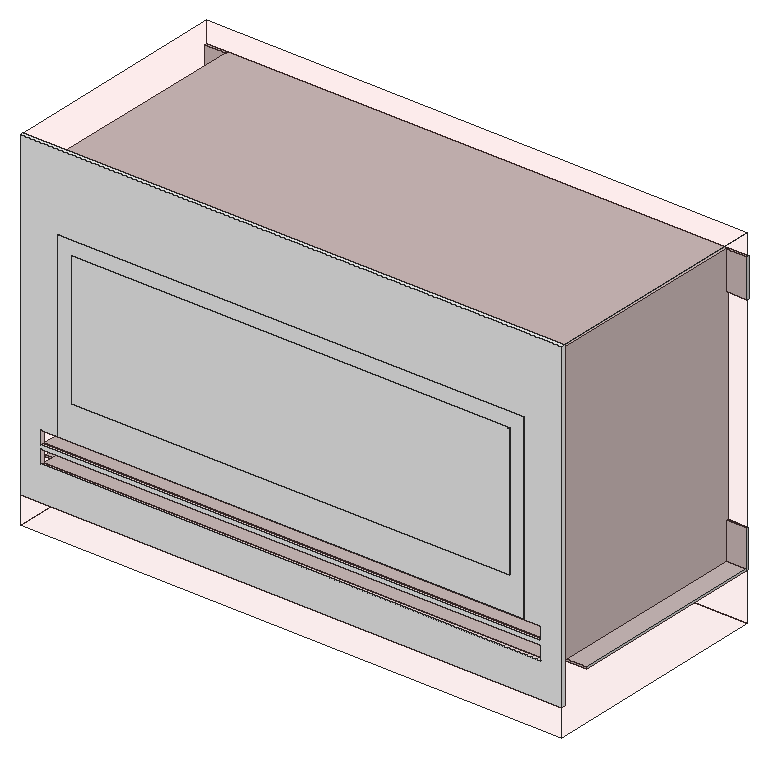
Revit family "Air-Curtain_Customer-Entry_PoweredAire_ECC-E", category Mechanical Equipment, host Face, Revit 2025
Family settings
  Host = Face
  Round Connector Dimension = Use Diameter
  Part Type = Normal
  OmniClass Number = 23.75.35.17.21
  OmniClass Title = Air Curtains
  Cut with Voids When Loaded = No
  Maintain Annotation Orientation = No
  Shared = No
  Room Calculation Point = No
Parameters
  Warranty Duration (Years) = 0
  Unit Width Notes = "Other Widths available."  # constant formula
  Unit Width = 3' - 3"
  Unit Weight = 0
  Unit Height = 1' - 4 3/4"
  Unit Depth = 1' - 11 1/4"
  URL = "http://www.poweredaire.com/"
  Test Data = ""
  Temperature Rise_Range = "as Specified"
  Standards Conformance = "as Specified"
  Specification = "http://www.arcat.com/sdspecs/htm04/23_34_33pai.htm"
  SpecWizard = ""
  Sound Pressure = "as Specified"
  Sales Information = "http://www.poweredaire.com/contact_us"
  Revision = "R1_2016-08"
  Projection from Host [instance] = 0' - 2"
  Product Properties = ""
  Product Data = "http://www.arcat.com/arcatcos/cos47/arc47623.html"
  Power Rating = 0 W
  Outlet Volume_Range = "as Specified"
  Outlet Velocity_Range = "as Specified"
  Nozzle Width = if(1 = 1, Unit Width - 0' 3", 0' 0")  # 3' - 0"
  Mounting Width = if(1 = 1, Unit Width - 0' 1 1/2", 0' 0")  # 3' - 1 1/2"
  Mounting Height [instance] = 3' - 6"
  Motor RPM = 0
  Motor HP = 0
  Motor Count = 0
  Model = "As Specified"
  Max Height = 0' - 0"
  Manufacturer Website = "http://www.poweredaire.com/"
  Manufacturer Phone - Toll Free = "888-321-2473"
  Manufacturer Phone = "724-588-3305"
  Manufacturer Fax = "724-588-3371"
  Manufacturer Address = "109 Mortensen Rd.  Greenville, PA 16125"
  Manufacturer = "Powered Aire, Inc"
  Maintenance Schedule (Months) = 0
  Keynote = "23 34 33"
  Installation-Fabrication = ""
  Installation Phase = ""
  Include Clearance [instance] = yes
  Heating Element Load = 0 W
  HVAC_Temperature Rise [instance] = 0 °F
  HVAC_Outlet Volume [instance] = 0 CFM
  HVAC_Outlet Velocity Uniformity = 0
  HVAC_Outlet Velocity [instance] = 0 FPM
  Green Building-LEED = "http://www.arcat.com/green/clients/leed_data_47623.html"
  Front Grating Material [instance] = Metal - Steel - PoweredAire - White Perforated
  Frame Finish [instance] = Metal - Steel - PoweredAire - Stainless 304
  Expected Lifespan (Years) = 0
  Electrical_Wattage [instance] = Power Rating + Heating Element Load  # 0 W
  Electrical_Voltage [instance] = 0 V
  Electrical_Phase [instance] = 1
  Electrical_Frequency [instance] = 0 Hz
  Electrical_Amperage [instance] = 0 A
  Drawn By = "Sumex Design, Inc. / Robert S. Weygant, CSI, CDT, SCIP"
  Description = "Powered Aire Air Curtain as Specified"
  Default Elevation = 0' - 0"  # constant formula
  Cover Finish [instance] = Metal - Steel - PoweredAire - White
  Copyright = "©Arcat Inc."
  Construction Details = "http://www.arcat.com/details/powair/prod3336.html"
  Clearance_Top [instance] = 0' - 0"
  Clearance_Side B [instance] = 0' - 0"
  Clearance_Side A [instance] = 0' - 0"
  Clearance_Intake [instance] = 0' - 0"
  Clearance_Front [instance] = 0' - 0"
  Clearance Material [instance] = ARCAT Clearance
  Building Codes = ""
  Available Options [instance] = "as Specified"
  Assembly Code = "D3090400"
Reference planes (in)
  plane 1 "Center (Elevation)": y = 8.51318
  plane 2: z = 0
  plane 3 "Center (Left/Right)": x = 0
  plane 4: y = 16.88818
  plane 5: y = 0.13818
  plane 6: x = -19.5
  plane 7: x = 19.5
  plane 8: z = 25.25
  plane 9 "FF": y = -41.86182
  plane 10: z = 2
  plane 11: x = 18
  plane 12: x = -18
  plane 13: y = 16.88818
  plane 14: y = 0.13818
  plane 15: x = -19.5
  plane 16: x = 19.5
  plane 17: z = 25.25
  plane 18: y = 0.38818
Forms (in)
  Extrusion 1, solid, material "ARCAT Clearance" <- "Clearance Material", visible <- "Include Clearance"
    sketch origin (0, 0, 0) x (0, 1, 0) y (0, 0, 1)
      loop
        line (0.13818, 25.25) -> (0.13818, 0) -> (16.88818, 0) -> (16.88818, 25.25) -> (0.13818, 25.25)
    from -19.5 to 19.5
  Extrusion 2, solid, material "Metal - Steel - PoweredAire - White" <- "Cover Finish"
    sketch origin (0, 8.51318, 0) x (1, 0, 0) y (0, 0, 1)
      loop
        line (-19.5, 25.25) -> (-19.5, 2) -> (19.5, 2) -> (19.5, 25.25) -> (-19.5, 25.25)
    from 8.125 to 8.375
  Extrusion 3, solid, material "Metal - Steel - PoweredAire - Stainless 304" <- "Frame Finish"
    sketch origin (0, 8.51318, 0) x (1, 0, 0) y (0, 0, 1)
      loop
        line (18, 23.75) -> (-18, 23.75) -> (-18, 3.5) -> (18, 3.5) -> (18, 23.75)
    from -8.375 to 8.125
  Extrusion 4, void
    sketch origin (0, 0, 0) x (0, 1, 0) y (0, 0, 1)
      loop
        line (0.13818, 5.5) -> (0.13818, 4.5) -> (1.88818, 4.5) -> (1.88818, 6.75) -> (0.13818, 6.75) -> (0.13818, 5.75) -> (1.63818, 5.75) -> (1.63818, 5.5) -> (0.13818, 5.5)
    from -18 to 18
  Extrusion 5, solid, material "Metal - Steel - PoweredAire - White" <- "Cover Finish"
    sketch origin (-11.83813, 0.13818, 48) x (-1, 0, 0) y (0, 0, 1)
      loop
        line (4.91187, -41.25) -> (4.91187, -28.25) -> (-28.58813, -28.25) -> (-28.58813, -41.25) -> (4.91187, -41.25)
    from 0 to -0.03125
  Extrusion 6, solid, material "Metal - Steel - PoweredAire - White Perforated" <- "Front Grating Material"
    sketch origin (-11.83813, 0.10693, 48) x (1, 0, 0) y (0, 0, 1)
      loop
        line (-3.91187, -29.25) -> (-3.91187, -38.75) -> (27.58813, -38.75) -> (27.58813, -29.25) -> (-3.91187, -29.25)
    from 0 to 0.03125
  Extrusion 7, solid, material "Metal - Steel - PoweredAire - Stainless 304" <- "Frame Finish"
    sketch origin (-15.17702, -180, 2) x (-1, 0, 0) y (0, -1, 0)
      loop
        line (-33.17702, -196.88818) -> (-33.17702, -182.38818) -> (-34.67702, -182.38818) -> (-34.67702, -196.88818) -> (-33.17702, -196.88818)
      loop
        line (2.82298, -196.88818) -> (4.32298, -196.88818) -> (4.32298, -182.38818) -> (2.82298, -182.38818) -> (2.82298, -196.88818)
    from 1.5 to 1.625
  Extrusion 8, solid, material "Metal - Steel - PoweredAire - Stainless 304" <- "Frame Finish"
    sketch origin (-11.83813, 16.88818, 48) x (-1, 0, 0) y (0, 0, 1)
      loop
        line (7.66187, -44.5) -> (7.66187, -41.75) -> (6.16187, -41.75) -> (6.16187, -44.5) -> (7.66187, -44.5)
      loop
        line (-31.33813, -44.5) -> (-29.83813, -44.5) -> (-29.83813, -41.75) -> (-31.33813, -41.75) -> (-31.33813, -44.5)
      loop
        line (7.66187, -27) -> (7.66187, -24.25) -> (6.16187, -24.25) -> (6.16187, -27) -> (7.66187, -27)
      loop
        line (-31.33813, -27) -> (-29.83813, -27) -> (-29.83813, -24.25) -> (-31.33813, -24.25) -> (-31.33813, -27)
    from 0 to -0.125
Cuts and joins
  Extrusion 4 cuts Extrusion 2
  Extrusion 4 cuts Extrusion 3
Dimensions and locks (in)
  equal spacing: plane 4, plane 1 "Center (Elevation)", plane 5
  "Unit Height": plane 4 to plane 5
  equal spacing: plane 6, plane 3 "Center (Left/Right)", plane 7
  "Unit Width": plane 6 to plane 7
  "Mounting Height": plane 5 to plane 9 "FF"
  "Projection from Host": plane 10 to level
  "Unit Depth": plane 8 to plane 10
  locked: plane 6 to plane 12 at 1.5
  locked: plane 11 to plane 7 at 1.5
  "Clearance_Side A": plane 7 to plane 16
  "Clearance_Side B": plane 15 to plane 6
  "Clearance_Top": plane 13 to plane 4
  "Clearance_Intake": plane 5 to plane 14
  "Clearance_Front": plane 17 to plane 8
  locked: plane 8 to Extrusion 3 sketch curve at 1.5
  locked: Extrusion 3 sketch curve to plane 10 at 1.5
  locked: plane 7 to Extrusion 3 sketch curve at 1.5
  locked: Extrusion 3 sketch curve to plane 6 at 1.5
  locked: plane 18 to plane 5 at 0.25
  Extrusion 4 sketch curve to Extrusion 4 sketch curve to Extrusion 4 sketch curve to Extrusion 4 sketch curve to plane 10 = 0' - 1" locked, 0' - 0 1/4" locked, 0' - 1" locked, 0' - 2 1/2" locked
  Extrusion 5 sketch curve to Extrusion 5 sketch curve to plane 10 = 1' - 1" locked, 0' - 4 3/4" locked
  locked: plane 11 to Extrusion 5 sketch curve at 1.25
  locked: Extrusion 5 sketch curve to plane 12 at 1.25
  Extrusion 6 sketch curve to Extrusion 6 sketch curve to plane 10 = 0' - 9 1/2" locked, 0' - 7 1/4" locked
  locked: Extrusion 6 sketch curve to plane 12 at 2.25
  locked: plane 11 to Extrusion 6 sketch curve at 2.25
  locked: plane 4 to Extrusion 7 sketch curve at 14.5  (x2)
  Extrusion 8 sketch curve to Extrusion 8 sketch curve to Extrusion 8 sketch curve to Extrusion 8 sketch curve to plane 10 = 0' - 2 3/4" locked, 1' - 2 3/4" locked, 0' - 2 3/4" locked, 0' - 1 1/2" locked  (x2)
  aligned and locked: plane 2 to host face
  aligned and locked: level to host face
  aligned and locked: Extrusion 1 sketch curve to plane 17
  aligned and locked: plane 14 to Extrusion 1 sketch curve
  aligned and locked: level to Extrusion 1 sketch curve
  aligned and locked: Extrusion 1 sketch curve to plane 13
  aligned and locked: plane 16 to Extrusion 1
  aligned and locked: Extrusion 1 to plane 15
  aligned and locked: Extrusion 2 sketch curve to plane 8
  aligned and locked: plane 6 to Extrusion 2 sketch curve
  aligned and locked: Extrusion 2 sketch curve to plane 10
  aligned and locked: Extrusion 2 sketch curve to plane 7
  aligned and locked: Extrusion 3 to plane 4
  aligned and locked: Extrusion 3 to plane 18
  aligned and locked: Extrusion 2 to plane 18
  aligned and locked: Extrusion 2 to plane 5
  aligned and locked: plane 11 to Extrusion 4
  aligned and locked: Extrusion 4 to plane 12
  aligned and locked: Extrusion 7 sketch curve to plane 4  (x2)
Automatic sketch dimensions
  host sketch curve to host sketch curve = 8' - 0"  (x2)
  Extrusion 4 sketch curve to plane 5 = 0' - 0"  (x2)
  plane 18 to Extrusion 4 sketch curve = 0' - 1 1/4"
  Extrusion 4 sketch curve to Extrusion 4 sketch curve = 0' - 0 1/4"
  Extrusion 7 sketch curve to plane 7 = 0' - 0"
  Extrusion 7 sketch curve to plane 11 = 0' - 0"
  Extrusion 7 sketch curve to plane 12 = 0' - 0"
  Extrusion 7 sketch curve to plane 6 = 0' - 0"
  Extrusion 8 sketch curve to plane 7 = 0' - 0"  (x2)
  Extrusion 8 sketch curve to plane 11 = 0' - 0"  (x2)
  Extrusion 8 sketch curve to plane 12 = 0' - 0"  (x2)
  Extrusion 8 sketch curve to plane 6 = 0' - 0"  (x2)
Connectors (in)
  electrical at (-18, 4.88818, 9.625), driven by "Electrical_Voltage", driven by "Electrical_Phase"
    settings: on cut or joined group of Extrusion 3, Extrusion 4, index 1, voltage 0 V, apparent load 0 VA, apparent load phase1 0 VA, apparent load phase2 0 VA, apparent load phase3 0 VA, power factor 1, load classification "Other", number of poles 1, system type 31, power factor state 1, is connector primary yes, connector utility no, sub classification motor no, connector description ""
